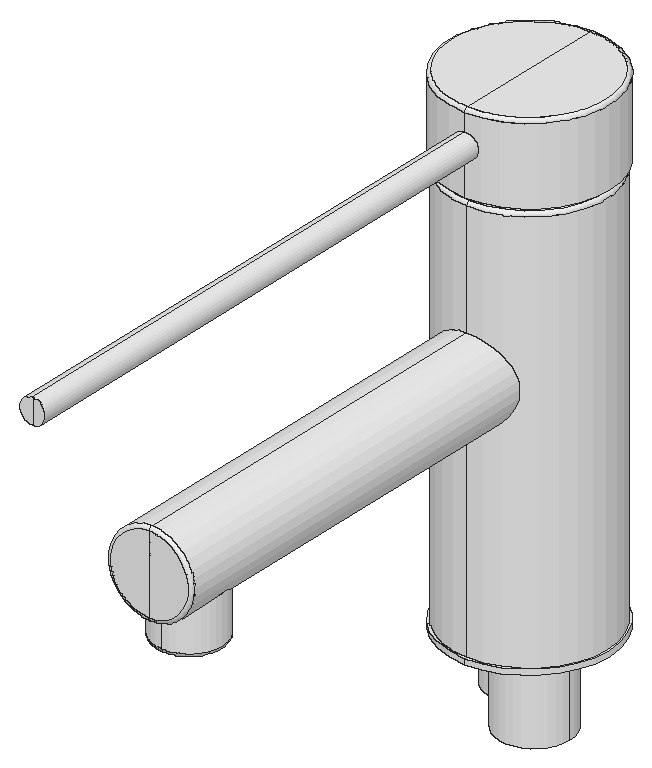
Revit family "Mixer-Basin-Irwell Pin Lever Care", category Plumbing Fixtures, host Face, Revit 2013
Parameters (values of type "Standard")
  Waste Connection = no
  Vent Connection = no
  URL = "www.irwell.com.au"
  Type Comments = "Irwell Pin Lever Care Basin Mixer"  # constant formula
  ModifiedIssue_ANZRS = 2013.1  # constant formula
  Model = "872563C5A"  # constant formula
  Material_ANZRS = Metal-Chrome-Caroma
  Manufacturer = "GWA Bathrooms & Kitchens"  # constant formula
  HWFU = 1.58  # constant formula
  HW Connection = yes
  Description = "WELS 5 Star Rated, 6L/min"  # constant formula
  Default Elevation = 900 mm
  CreatedBy_ANZRS = "Design Content"  # constant formula
  CreatedByURL_ANZRS = "www.designcontent.com.au"
  Cost = 0
  Connector Radius = 10 mm
  CWFU = 1.58  # constant formula
  CW Connection = yes
  Assembly Code = "C1030210"
Reference planes
  plane 1 "Center (Front/Back)": y = 0
  plane 2: z = 0
  plane 3 "Center (Left/Right)": x = 0
Forms (mm)
  Revolve 1, solid, material "Metal-Chrome-Caroma" <- "Material_ANZRS"
    sketch origin (0, 0, 0) x (0, 1, 0) y (0, 0, 1)
      loop
        line (0, 0) -> (0, 1.5) -> (-22.68, 1.5) -> (-22.68, 0) -> (0, 0)
      axis (0, 0) -> (0, 1.5)
    angle from 0 to 360
  Revolve 2, solid, material "Metal-Chrome-Caroma" <- "Material_ANZRS"
    sketch origin (0, -129.116, 17.581) x (0, 1, 0) y (0, 0, 1)
      loop
        line (-46.119, 116.943) -> (-46.119, 113.419) -> (117.568, 113.419) -> (117.568, 116.943) -> (-46.119, 116.943)
      axis (-46.119, 113.419) -> (117.568, 113.419)
    angle from 0 to 360
  Revolve 3, solid, material "Metal-Chrome-Caroma" <- "Material_ANZRS"
    sketch origin (0, -169.116, -46.929) x (0, 1, 0) y (0, 0, 1)
      loop
        line (35.116, 129.43) -> (35.116, 118.429) -> (156.829, 118.429) -> (156.829, 130.412) -> (36.098, 130.412)
        arc (36.098, 130.412) -> (35.404, 130.125) -> (35.116, 129.43) r 0.983
      axis (35.116, 118.429) -> (156.829, 118.429)
    angle from 0 to 360
  Revolve 4, solid, material "Metal-Chrome-Caroma" <- "Material_ANZRS"
    sketch origin (0, -67.487, 0) x (0, 1, 0) y (0, 0, 1)
      loop
        line (-52.512, 49.708) -> (-43.995, 49.708)
        arc (-43.995, 49.708) -> (-43.301, 49.996) -> (-43.013, 50.69) r 0.982
        line (-43.013, 50.69) -> (-43.013, 66.311) -> (-52.512, 66.311) -> (-52.512, 49.708)
      axis (-52.512, 49.708) -> (-52.512, 66.311)
    angle from 0 to 360
  Extrusion 5, solid, material "Metal-Chrome-Caroma" <- "Material_ANZRS"
    sketch origin (14.142, 0, 0) x (1, 0, 0) y (0, 1, 0)
      loop
        circle (-7.071, -7.071) r 10
    from -20 to 0
  Extrusion 6, solid, material "Metal-Chrome-Caroma" <- "Material_ANZRS"
    sketch origin (-14.142, 0, 0) x (-1, 0, 0) y (0, -1, 0)
      loop
        circle (-7.071, -7.071) r 10
    from -20 to 0
  Revolve 7, solid, material "Metal-Chrome-Caroma" <- "Material_ANZRS"
    sketch origin (0, 0, 0) x (0, 1, 0) y (0, 0, 1)
      loop
        line (-21.981, 1.5) -> (0, 1.5) -> (0, 140.5) -> (-21.733, 140.5)
        arc (-21.733, 140.5) -> (-22.438, 140.208) -> (-22.73, 139.503) r 0.997
        line (-22.73, 139.503) -> (-22.73, 118) -> (-20.63, 118)
        arc (-20.63, 118) -> (-20.82, 117.253) -> (-20.981, 116.5) r 19.78
        arc (-20.981, 116.5) -> (-21.688, 116.206) -> (-21.981, 115.499) r 1.001
        line (-21.981, 115.499) -> (-21.981, 1.5)
      axis (0, 1.5) -> (0, 140.5)
    angle from 0 to 360
Cuts and joins
  joined: Revolve 1, Revolve 2, Revolve 3, Revolve 4, Revolve 7
Lines and regions (mm)
  Masking region 1
    outline origin (0, 0, 0) x (0, 1, 0) y (0, 0, 1)
      loop
        line (-21.981, 1.5) -> (0, 1.5) -> (21.981, 1.5) -> (21.981, 115.499)
        arc (21.981, 115.499) -> (21.688, 116.206) -> (20.981, 116.5) r 1.001
        arc (20.981, 116.5) -> (20.82, 117.253) -> (20.63, 118) r 19.78
        line (20.63, 118) -> (22.73, 118) -> (22.73, 139.503)
        arc (22.73, 139.503) -> (22.438, 140.208) -> (21.733, 140.5) r 0.997
        line (21.733, 140.5) -> (0, 140.5) -> (-21.733, 140.5)
        arc (-21.733, 140.5) -> (-22.438, 140.208) -> (-22.73, 139.503) r 0.997
        line (-22.73, 139.503) -> (-22.73, 134.524) -> (-175.235, 134.524) -> (-175.235, 127.476) -> (-22.73, 127.476) -> (-22.73, 118) -> (-20.63, 118)
        arc (-20.63, 118) -> (-20.82, 117.253) -> (-20.981, 116.5) r 19.78
        arc (-20.981, 116.5) -> (-21.688, 116.206) -> (-21.981, 115.499) r 1.001
        line (-21.981, 115.499) -> (-21.981, 83.484) -> (-132.995, 83.484)
        arc (-132.995, 83.484) -> (-133.702, 83.191) -> (-133.995, 82.484) r 1
        line (-133.995, 82.484) -> (-133.995, 60.516)
        arc (-133.995, 60.516) -> (-133.702, 59.809) -> (-132.995, 59.516) r 1
        line (-132.995, 59.516) -> (-129.498, 59.516) -> (-129.498, 50.714)
        arc (-129.498, 50.714) -> (-129.205, 50.007) -> (-128.498, 49.714) r 1
        line (-128.498, 49.714) -> (-111.5, 49.714)
        arc (-111.5, 49.714) -> (-110.793, 50.007) -> (-110.5, 50.714) r 1
        line (-110.5, 50.714) -> (-110.5, 59.516) -> (-21.981, 59.516) -> (-21.981, 1.5)
  Masking region 2
    outline origin (0, 0, 0) x (1, 0, 0) y (0, 0, 1)
      loop
        line (21.981, 1.5) -> (21.981, 115.499)
        arc (21.981, 115.499) -> (21.688, 116.206) -> (20.981, 116.5) r 1.001
        arc (20.981, 116.5) -> (20.82, 117.253) -> (20.63, 118) r 19.78
        line (20.63, 118) -> (22.73, 118) -> (22.73, 139.503)
        arc (22.73, 139.503) -> (22.438, 140.208) -> (21.733, 140.5) r 0.997
        line (21.733, 140.5) -> (0, 140.5) -> (-21.733, 140.5)
        arc (-21.733, 140.5) -> (-22.438, 140.208) -> (-22.73, 139.503) r 0.997
        line (-22.73, 139.503) -> (-22.73, 118) -> (-20.63, 118)
        arc (-20.63, 118) -> (-20.82, 117.253) -> (-20.981, 116.5) r 19.78
        arc (-20.981, 116.5) -> (-21.688, 116.206) -> (-21.981, 115.499) r 1.001
        line (-21.981, 115.499) -> (-21.981, 1.5) -> (0, 1.5) -> (21.981, 1.5)
  Masking region 3
    outline origin (0, 0, 0) x (1, 0, 0) y (0, 1, 0)
      loop
        line (11.984, -132.996) -> (11.984, -19.047)
        arc (11.984, -19.047) -> (0, 22.73) -> (-11.984, -19.047) r 22.608
        line (-11.984, -19.047) -> (-11.984, -132.996)
        arc (-11.984, -132.996) -> (-11.691, -133.703) -> (-10.984, -133.996) r 1
        line (-10.984, -133.996) -> (-3.498, -133.996) -> (-3.498, -175.235) -> (3.498, -175.235) -> (3.498, -133.996) -> (10.984, -133.996)
        arc (10.984, -133.996) -> (11.691, -133.703) -> (11.984, -132.996) r 1
  Masking region 4
    outline origin (0, 0, 0) x (0, 1, 0) y (0, 0, 1)
      loop
        line (22.68, 1.5) -> (-22.68, 1.5) -> (-22.68, 0) -> (22.68, 0) -> (22.68, 1.5)
  Masking region 5
    outline origin (0, 0, 0) x (1, 0, 0) y (0, 0, 1)
      loop
        line (-22.679, 0) -> (22.679, 0) -> (22.679, 1.5) -> (-22.679, 1.5) -> (-22.679, 0)
  symbolic lines
    curve 1: arc (0, -22.504, 0) -> (-22.504, 0, 0) -> (0, 22.504, 0) r 22.504
    curve 2: arc (0, 22.504, 0) -> (22.504, 0, 0) -> (0, -22.504, 0) r 22.504
    curve 3: line (0, -21.981, 83.484) -> (0, -21.981, 59.516)
    curve 4: line (0, -110.5, 59.516) -> (0, -129.498, 59.516)
    curve 5: arc (0, -22.73, 134.524) -> (0, -22.441, 131) -> (0, -22.73, 127.476) r 21.611
    curve 6: line (0, 20.63, 118) -> (0, -20.63, 118)
    curve 7: line (0, -20.981, 116.5) -> (0, 20.981, 116.5)
    curve 8: arc (0, 0, 134.524) -> (-3.524, 0, 131) -> (0, 0, 127.476) r 3.524
    curve 9: arc (0, 0, 127.476) -> (3.524, 0, 131) -> (0, 0, 134.524) r 3.524
    curve 10: line (-20.63, 0, 118) -> (20.63, 0, 118)
    curve 11: line (-20.981, 0, 116.5) -> (20.981, 0, 116.5)
    curve 12: arc (0, 0, 83.484) -> (-11.984, 0, 71.5) -> (0, 0, 59.516) r 11.984
    curve 13: arc (0, 0, 59.516) -> (11.984, 0, 71.5) -> (0, 0, 83.484) r 11.984
    curve 14: line (-9.492, 0, 64.185) -> (-9.492, 0, 50.741)
    curve 15: line (-8.478, 0, 49.727) -> (0, 0, 49.727)
    curve 16: arc (-9.492, 0, 50.741) -> (-9.195, 0, 50.024) -> (-8.478, 0, 49.727) r 1.014
    curve 17: line (9.492, 0, 64.185) -> (9.492, 0, 50.741)
    curve 18: line (8.478, 0, 49.727) -> (0, 0, 49.727)
    curve 19: arc (9.492, 0, 50.741) -> (9.195, 0, 50.024) -> (8.478, 0, 49.727) r 1.014
    curve 20: line (-3.498, -22.46, 0) -> (-3.498, -175.235, 0)
    curve 21: line (-3.498, -175.235, 0) -> (0, -175.235, 0)
    curve 22: line (3.498, -22.46, 0) -> (3.498, -175.235, 0)
    curve 23: line (3.498, -175.235, 0) -> (0, -175.235, 0)
Dimensions and locks
  aligned and locked: plane 2 to host face
  aligned and locked: level to host face
Connectors
  piping at (7.071, -7.071, -20), driven by "Connector Radius", driven by "CWFU"
    settings: on Extrusion 5, index 3, connector radius 0.3937", flow factor 0, pipe flow 0 GPM, pressure drop 0.00 psi, fitting loss kfactor 0, connector angle 0.00°, fixture units 1.58, engagement length 0 mm, flow configuration 3, flow direction 1, fitting loss method 1, system type 20, joint type 0, gender type 0, connector reference index -1, connector utility 0, adjustable connector no, is connector primary yes, fitting loss table "Outlet", connector description "Cold Inlet"
  piping at (-7.071, 7.071, -20), driven by "Connector Radius", driven by "HWFU"
    settings: on Extrusion 6, index 4, connector radius 0.3937", flow factor 0, pipe flow 0 GPM, pressure drop 0.00 psi, fitting loss kfactor 0, connector angle 0.00°, fixture units 1.58, engagement length 0 mm, flow configuration 3, flow direction 1, fitting loss method 1, system type 19, joint type 0, gender type 0, connector reference index -1, connector utility 0, adjustable connector no, is connector primary no, fitting loss table "Outlet", connector description "Hot Inlet"
